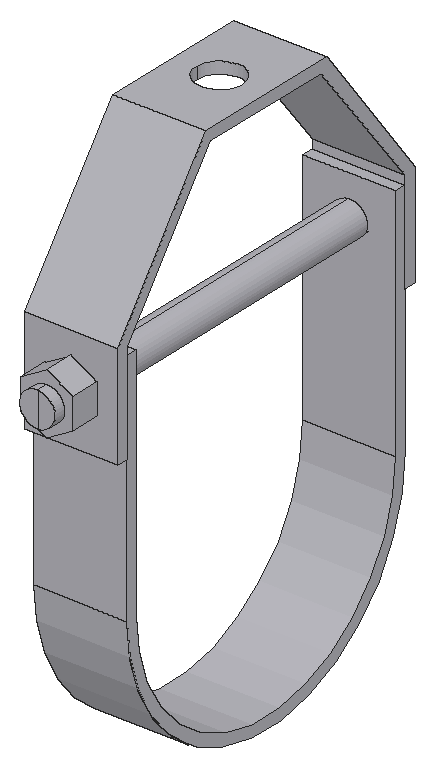
Revit family "7005S Std Duty Clevis Hanger", category Pipe Accessories, Revit 2018
Family settings
  Round Connector Dimension = Use Diameter
  Part Type = Normal
  OmniClass Number = 23.60.30.11.17
  OmniClass Title = Pipework/Ductwork Mechanical Fasteners/Supports
  Work Plane-Based = No
  Always vertical = Yes
  Cut with Voids When Loaded = No
  Shared = No
Parameters
  smallersize [instance] = Nominal Diameter < 1.350"  # no
  nut1_dia [instance] = size_lookup("nut_hex_US", "nut_dia", 1.500", D3)  # 0.5625"
  bolt rad [instance] = if(Nominal Diameter > 18.000", 0.500", nut1_dia / 3)  # 0.1875"
  Weight [instance] = size_lookup(LookupTable, "Weight", "NA", Nominal Diameter)  # "0.71 lbs."
  Product ID [instance] = size_lookup(LookupTable, "ProductID", "NA", Nominal Diameter)  # "4913805"
  Part Number [instance] = size_lookup(LookupTable, "PartNumber", "NA", Nominal Diameter)  # "FNW7005S0300"
  LookupTable [instance] = "7005S Std Duty Clevis Hanger"  # constant formula
  fillet [instance] = D3 + Y2  # 0.500"
  Z1 [instance] = size_lookup(LookupTable, "Z1", 0.000", Nominal Diameter)  # 1.5625"
  Z4 [instance] = size_lookup(LookupTable, "Z4", 0.000", Nominal Diameter)  # 4.14286"
  Z3 [instance] = size_lookup(LookupTable, "Z3", 0.000", Nominal Diameter)  # 2.6875"
  Z2 [instance] = size_lookup(LookupTable, "Z2", 0.000", Nominal Diameter)  # 2.125"
  Z5 [instance] = size_lookup(LookupTable, "Z5", 0.000", Nominal Diameter)  # 2.5625"
  Y1 [instance] = size_lookup(LookupTable, "Y1", 0.000", Nominal Diameter)  # 1.3646"
  Y2 [instance] = size_lookup(LookupTable, "Y2", 0.000", Nominal Diameter)  # 0.125"
  nut1_height [instance] = size_lookup("nut_hex_US", "nut_height", 1.000", D3)  # 0.32813"
  W1 [instance] = size_lookup(LookupTable, "W1", 0.000", Nominal Diameter)  # 1.000"
  URL = "http://fnw.com"
  Nominal Diameter [instance] = 3.000"
  Manufacturer = "FNW"  # constant formula
  Description BOM [instance] = size_lookup(LookupTable, "Description_BOM", "NA", Nominal Diameter)  # "3 7005S Std Duty Clevis Hanger"
  D3 [instance] = size_lookup(LookupTable, "D3", 0.000", Nominal Diameter)  # 0.375"
  D2 [instance] = size_lookup(LookupTable, "D2", 0.000", Nominal Diameter)  # 0.500"
  D1 [instance] = size_lookup(LookupTable, "D1", 0.000", Nominal Diameter)  # 3.500"
  bolt_length [instance] = D1 + (Y2 * 4) + nut1_height + 0.125"  # 4.45313"
  biggersize [instance] = Nominal Diameter > 1.350"  # yes
  120 = 120.00°
Reference planes (in)
  plane 1 "Center (Front/Back)": y = 0
  plane 2: z = 0
  plane 3 "Center (Left/Right)": x = 0
  plane 4: z = 2.125
  plane 5: z = 4.14286
  plane 6: z = 2.6875
  plane 7: z = 1.5625
  plane 8: y = 0.6823
  plane 9: y = -0.6823
  plane 10: y = -1.75
  plane 11: y = 1.75
  plane 12: y = -1.875
  plane 13: y = 1.875
  plane 14: y = 2
  plane 15: y = -2
  plane 16: y = -2.32813
  plane 17: y = 2.32812
  plane 18: z = 1.8
  plane 19: x = -0.5
  plane 20: x = 0.5
  plane 21: y = -2.45313
  plane 22: z = 4.26786
Forms (in)
  Sweep 1, solid, material "Steel, Stainless"
    path origin (0, 0, 0) x (0, 1, 0) y (0, 0, 1)
      loop
        line (1.75, 2.5625) -> (1.75, 0)
        arc (1.75, 0) -> (0, -1.75) -> (-1.75, 0) r 1.75
        line (-1.75, 0) -> (-1.75, 2.5625)
    profile origin (0, 1.75, 1.28125) x (1, 0, 0) y (0, 1, 0)
      loop
        line (-0.5, 0.125) -> (-0.5, 0) -> (0.5, 0) -> (0.5, 0.125) -> (-0.5, 0.125)
  Extrusion 2, void
    sketch origin (0, 0, 0) x (1, 0, 0) y (0, 1, 0)
      loop
        circle (0, 0) r 0.25
    from 4.14286 to 4.26786
  Extrusion 3, solid, material "Steel, Stainless", visible <- "smallersize"
    sketch origin (0, 0, 0) x (0, 1, 0) y (0, 0, 1)
      loop
        line (-1.875, 1.5625) -> (-1.875, 3.76786)
        arc (-1.875, 3.76786) -> (-1.76517, 4.03303) -> (-1.5, 4.14286) r 0.375
        line (-1.5, 4.14286) -> (1.5, 4.14286)
        arc (1.5, 4.14286) -> (1.76517, 4.03303) -> (1.875, 3.76786) r 0.375
        line (1.875, 3.76786) -> (1.875, 1.5625) -> (2, 1.5625) -> (2, 3.76786)
        arc (2, 3.76786) -> (1.85355, 4.12141) -> (1.5, 4.26786) r 0.5
        line (1.5, 4.26786) -> (-1.5, 4.26786)
        arc (-1.5, 4.26786) -> (-1.85355, 4.12141) -> (-2, 3.76786) r 0.5
        line (-2, 3.76786) -> (-2, 1.5625) -> (-1.875, 1.5625)
    from -0.5 to 0.5
  Extrusion 4, solid, material "Steel, Stainless", visible <- "biggersize"
    sketch origin (0, 0, 0) x (0, 1, 0) y (0, 0, 1)
      loop
        line (-2, 2.6875) -> (-2, 1.5625) -> (-1.875, 1.5625) -> (-1.875, 2.64581) -> (-0.75141, 4.14286) -> (0.73225, 4.14286) -> (1.875, 2.66126) -> (1.875, 1.5625) -> (2, 1.5625) -> (2, 2.6875) -> (0.81389, 4.26786) -> (-0.81389, 4.26786) -> (-2, 2.6875)
    from -0.5 to 0.5
  Revolve 5, solid, material "Steel, Stainless"
    sketch origin (0, 0, 0) x (0, 1, 0) y (0, 0, 1)
      loop
        line (-2.45313, 2.125) -> (2, 2.125) -> (2, 2.3125) -> (-2.45313, 2.3125) -> (-2.45313, 2.125)
      axis (2, 2.125) -> (-2.45313, 2.125)
    angle from 0 to 360
Cuts and joins
  Extrusion 2 cuts Extrusion 3
  Extrusion 2 cuts Extrusion 4
Lines and regions (in)
  model lines, style "center"
    curve 1: line (0, 0, 4.14286) -> (0, 0, 0)
    curve 2: line (0, 1.75, 0) -> (0, -1.75, 0)
Dimensions and locks (in)
  equal spacing: Sweep 1 sketch curve, plane 1 "Center (Front/Back)", Sweep 1 sketch curve
  "D1": Sweep 1 sketch curve to Sweep 1 sketch curve
  "Z5": Sweep 1 sketch curve to level  (x2)
  equal spacing: Sweep 1 sketch curve, profile plane, Sweep 1 sketch curve
  "W1": Sweep 1 sketch curve to Sweep 1 sketch curve
  "Y2": Sweep 1 sketch curve to Sweep 1 sketch curve
  "Z4": plane 5 to plane 2
  "Z3": plane 6 to plane 2
  "Z1": plane 7 to plane 2
  equal spacing: plane 9, plane 1 "Center (Front/Back)", plane 8
  "Y1": plane 9 to plane 8
  equal spacing: plane 10, plane 1 "Center (Front/Back)", plane 11
  "D1": plane 10 to plane 11
  "Y2": plane 12 to plane 10
  "Y2": plane 11 to plane 13
  "Y2": plane 15 to plane 12
  "Y2": plane 13 to plane 14
  "nut1_height": plane 14 to plane 17
  "nut1_height": plane 16 to plane 15
  "Z2": plane 4 to plane 2
  "Y2": Extrusion 3 sketch curve to plane 5
  equal spacing: plane 19, plane 3 "Center (Left/Right)", plane 20
  "W1": plane 19 to plane 20
  "bolt_length": plane 14 to plane 21
  "Y2": plane 22 to plane 5
  "Y2": Extrusion 4 sketch curve to Extrusion 4 sketch curve
  "Y2": plane 13 to Extrusion 4 sketch curve
  "Y2": Extrusion 4 sketch curve to plane 12
  "bolt rad": Revolve 5 sketch curve to plane 4
  "D1": diameter of Sweep 1 sketch curve
  "D2": diameter of Extrusion 2 sketch curve
  "D3": radius of Extrusion 3 sketch curve  (x2)
  "fillet": radius of Extrusion 3 sketch curve  (x2)
  aligned and locked: plane 2 to level
  aligned and locked: Sweep 1 sketch curve to profile plane
  aligned and locked: plane 7 to Extrusion 3 sketch curve
  aligned and locked: Extrusion 3 sketch curve to plane 7
  aligned and locked: plane 14 to Extrusion 3 sketch curve
  aligned and locked: Extrusion 3 sketch curve to plane 13
  aligned and locked: plane 12 to Extrusion 3 sketch curve
  aligned and locked: Extrusion 3 sketch curve to plane 5
  aligned and locked: plane 19 to Extrusion 3
  aligned and locked: Extrusion 3 to plane 20
  aligned and locked: Extrusion 2 to plane 5
  aligned and locked: plane 22 to Extrusion 2
  aligned and locked: plane 12 to Extrusion 4 sketch curve
  aligned and locked: Extrusion 4 sketch curve to plane 13
  aligned and locked: cut or joined group of Extrusion 2, Extrusion 4 to plane 20
  aligned and locked: plane 19 to cut or joined group of Extrusion 2, Extrusion 4
  aligned and locked: plane 4 to Revolve 5 sketch curve  (x2)
  aligned and locked: cut or joined group of Extrusion 2, Extrusion 4 to plane 7  (x2)
  aligned and locked: Revolve 5 sketch curve to plane 14
  aligned and locked: plane 21 to Revolve 5 sketch curve
  aligned and locked: nested 2 to plane 15
Automatic sketch dimensions
  curve 2 to plane 3 "Center (Left/Right)" = 0.000"
  plane 10 to curve 2 = 0.000"
  curve 2 to plane 11 = 0.000"
  curve 1 to level = 0.000"
  curve 1 to plane 1 "Center (Front/Back)" = 0.000"
  curve 1 to plane 5 = 0.000"
  Sweep 1 sketch curve to level = 0.000"
  plane 1 "Center (Front/Back)" to Extrusion 2 sketch curve = 0.000"
  Extrusion 2 sketch curve to plane 3 "Center (Left/Right)" = 0.000"
  Extrusion 3 sketch curve to Extrusion 3 sketch curve = 0.000"
  Extrusion 4 sketch curve to plane 22 = 0.000"
  Extrusion 4 sketch curve to plane 5 = 0.000"
  Extrusion 4 sketch curve to plane 7 = 0.000"  (x2)
  Extrusion 4 sketch curve to plane 6 = 0.000"  (x2)
  Extrusion 4 sketch curve to plane 9 = 0.13159"
  Extrusion 4 sketch curve to plane 8 = 0.04995"
  Extrusion 4 sketch curve to plane 8 = 0.13159"
  Extrusion 4 sketch curve to plane 6 = 0.02624"
  Revolve 5 sketch curve to plane 15 = 0.03399"
  plane 17 to Revolve 5 sketch curve = 0.16471"
Nested families (in)
  nested 1: "nest hex nut" at (-0.15598, 2, 2.23182) x (0, 0, 1) z (0, 1, 0), BHX1 <- "nut1_height", SCD3 <- "nut1_dia", type "nest hex nut"
    with Weight "", SCR3 0.28125", SCD3 0.5625", Product ID "", Part Number "", Nominal Diameter 1/2", Description BOM "", Center of Hex 12.000", BHX1 0.32813"
  nested 2: "nest hex nut" at (0, -2.32813, 2.12306) x (0, 0, 1) z (0, 1, 0), BHX1 <- "nut1_height", SCD3 <- "nut1_dia", type "nest hex nut"
    with Weight "", SCR3 0.28125", SCD3 0.5625", Product ID "", Part Number "", Nominal Diameter 1/2", Description BOM "", Center of Hex 12.000", BHX1 0.32813"
Definition of nested family "nest hex nut"
  Parameters (values of type "nest hex nut")
    Weight [instance] = ""
    URL = "http://www.fnw.com"
    Standards Lookup Table = "Standards"  # constant formula
    SCR3 [instance] = SCD3 / 2  # 0.500"
    SCD3 [instance] = 1.000"
    Product ID [instance] = ""
    Part Number [instance] = ""
    Nominal Diameter [instance] = 1/2"
    LookupTable = ""
    Description BOM [instance] = ""
    Default Elevation = 48.000"
    Center of Hex [instance] = 12.000"
    BHX1 [instance] = 0.70262"
    120 = 120.00°
  Reference planes (in)
    plane 1 "Center (Front/Back)": y = 0
    plane 2: z = 0
    plane 3 "Center (Left/Right)": x = 0
    plane 4: z = 0.70262
    plane 5: x = 0
  Forms (in)
    Extrusion 1, solid
      sketch origin (-12, 0, 0) x (1, 0, 0) y (0, 1, 0)
        loop
          line (12.57735, 0) -> (12.28868, 0.5) -> (11.71132, 0.5) -> (11.42265, 0) -> (11.71132, -0.5) -> (12.28868, -0.5) -> (12.57735, 0)
      from 0 to 0.70262
  Dimensions and locks (in)
    "BHX1": plane 4 to plane 2
    equal spacing: Extrusion 1 sketch curve, plane 5, Extrusion 1 sketch curve  (x2)
    equal spacing: Extrusion 1 sketch curve, plane 1 "Center (Front/Back)", Extrusion 1 sketch curve
    "SCD3": Extrusion 1 sketch curve to Extrusion 1 sketch curve  (x3)
    "120": angle Extrusion 1 sketch curve to Extrusion 1 sketch curve  (x5)
    aligned and locked: plane 2 to level
    aligned and locked: Extrusion 1 to plane 4
    aligned and locked: Extrusion 1 to plane 2
